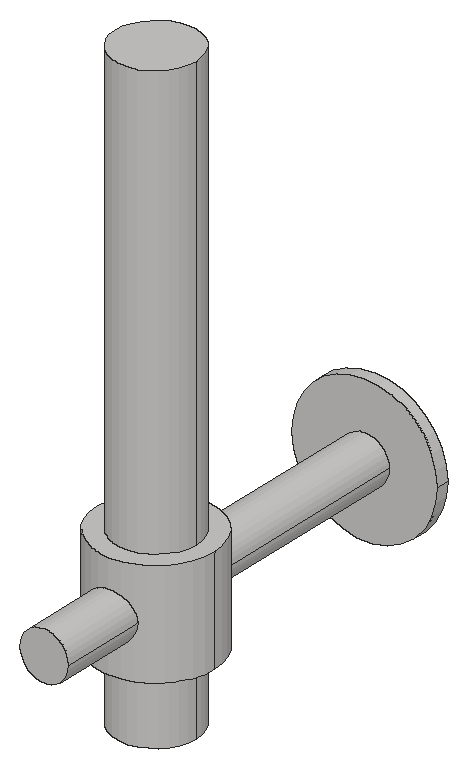
Revit family "T14", category Generic Models, Revit 2021
Family settings
  Can host rebar = No
  Round Connector Dimension = Use Diameter
  Part Type = Normal
  Work Plane-Based = No
  Always vertical = Yes
  Cut with Voids When Loaded = No
  Shared = No
  Room Calculation Point = No
Parameters (values of type "Standard")
  e-mail = "info@vola.com"
  URL = "http://vola.com"
  Telephone = "+45 7023 5500"
  Quality management standard = "ISO 9001"
  Organisation no. / DUNS no. = "17531328"
  Occupational health and safety management standard = "ISO 18001"
  Mounting Instructions = "http://vola.com/service/producturl.ashx?name=T14"
  Model = "T14"
  Materials and components information = "http://vola.com/service/producturl.ashx?name=T14"
  Manufacturer = "VOLA A/S"
  Maintenance Instructions = "http://vola.com/service/producturl.ashx?name=T14"
  Guarantee = "2 years"
  Environmental management standard = "ISO 14000"
  Default Elevation = 0.0000 mm
  Connection - All relevant connections = ""
  Approvals = "http://vola.com/service/producturl.ashx?name=T14"
Reference planes
  plane 1 "Center (Front/Back)": y = 0
  plane 2: z = 0
  plane 3 "Center (Left/Right)": x = 0
Forms (mm)
  Extrusion 1, solid, material "Stainless Steel"
    sketch origin (0, 0, 0) x (1, 0, 0) y (0, 0, 1)
      loop
        circle (0, 0) r 18
    from 0 to 3
  Extrusion 2, solid, material "Stainless Steel"
    sketch origin (0, -2.5, 0) x (1, 0, 0) y (0, 0, 1)
      loop
        circle (0, 0) r 6
    from 0.5 to 99.5
  Extrusion 3, solid, material "Stainless Steel"
    sketch origin (-0.311, -8.5, 0) x (1, 0, 0) y (0, 1, 0)
      loop
        circle (0.311, -59) r 14.5
    from -13 to 13
  Extrusion 4, solid, material "Stainless Steel"
    sketch origin (-0.311, -8.5, 13) x (1, 0, 0) y (0, 1, 0)
      loop
        circle (0.311, -59) r 10
    from 0 to 107
  Extrusion 5, solid, material "Stainless Steel"
    sketch origin (-0.311, -8.5, -13) x (0, 1, 0) y (1, 0, 0)
      loop
        circle (-59, 0.311) r 10
    from 0 to 17
Cuts and joins
  joined: Extrusion 2, Extrusion 3
Dimensions and locks
  aligned and locked: plane 2 to level
